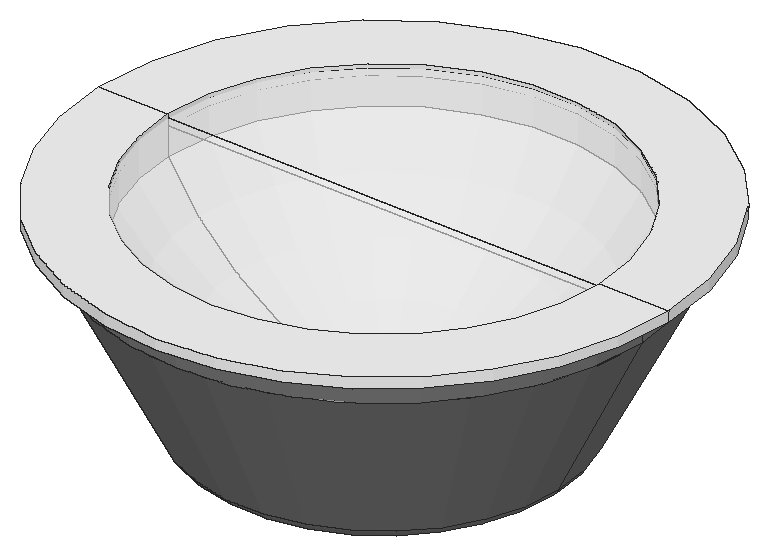
Revit family "30531", category Lighting Fixtures, host Face, Revit 2018
Family settings
  Host = Face
  Round Connector Dimension = Use Diameter
  Part Type = Normal
  OmniClass Number = 23.80.70.00
  OmniClass Title = Lighting
  Cut with Voids When Loaded = No
  Light Source = Yes
  Shared = No
  Room Calculation Point = No
Parameters (values of type "0030531 INSAVER SLIM UGR19 IP65 205 2500LM 840")
  WidthBezel_SYL = if(Size1_SYL, 20 mm, if(Size2_SYL, 20 mm, if(Size3PIR_SYL, 30 mm, if(Size4_SYL, 20 mm, 20 mm))))  # 20 mm
  Weight = "n/a"
  Wattage Comments = ""
  Wattage = 9 W
  WarrantyStartDate [instance] = "n/a"
  WarrantyGuarantorParts = "n/a"
  WarrantyDurationUnit = "n/a"
  WarrantyDurationParts = ""
  WarrantyDescription = "http://www.sylvania-lighting.com"
  built-in parameter 1150110 = 1 (stored number, unit not read)
  Voltage = 230 V
  VisibilityPIR_SYL = Size3PIR_SYL  # no
  URL = "0.9"
  TypeName = "Insaver Slim UGR19 IP65 205 2500lm 840"
  Type Image = <None>
  Type Comments = "n/a"
  built-in parameter 1114217 = 1 (stored number, unit not read)
  Tilt Angle = -90.00°
  built-in parameter 1150109 = 1 (stored number, unit not read)
  built-in parameter 1150134 = (empty or 0)
  built-in parameter 1150113 = 1 (stored number, unit not read)
  Size4_SYL = no
  Size3PIR_SYL = no
  Size2_SYL = no
  Size1_SYL = yes
  SerialNumber [instance] = "n/a"
  RadiusTop_SYL = 6 mm
  RadiusReflector_SYL = if(Size1_SYL, 85 mm, if(Size2_SYL, 85 mm, if(Size3PIR_SYL, 85 mm, if(Size4_SYL, 100 mm, 120 mm))))  # 85 mm
  Photometric Web File = "0030531.IES"
  Material_3_FEILO = Top-Sylvania-STARTDownlight
  PowerFactor = 0.9
  PowerConsumption = "Lighting"
  NominalLength = 165 mm
  NominalHeight = 50 mm
  NominalDepth = 165 mm
  Name = "Insaver Slim UGR19 IP65 205 2500lm 840"
  ModelReference = Name  # "Insaver Slim UGR19 IP65 205 2500lm 840"
  ModelNumber = "0030531"
  Model = Name  # "Insaver Slim UGR19 IP65 205 2500lm 840"
  Material = "Feilo Sylvania"
  ManufacturerName = "125 lm/W"
  Manufacturer = ""
  LuminousEfficacy = ""
  built-in parameter 1150105 = 83.795 (stored number, unit not read)
  Lumens = 1053 lm
  LuminaireType = "0"
  built-in parameter 1150115 = 1 (stored number, unit not read)
  LightOutputRatio = "LED"
  built-in parameter 1150137 = (empty or 0)
  built-in parameter 1150139 = (empty or 0)
  LampsType = Lamp  # "n/a"
  LampNominalLuminous = "4000 K"
  LampMacAdamStep = "80"
  LampColourTemperature = "LED"
  LampColourRenderingIndex = "16500"
  built-in parameter 1150112 = 1 (stored number, unit not read)
  built-in parameter 1150114 = 1 (stored number, unit not read)
  Lamp = "n/a"
  Keynote = "n/a"
  InstallationDate [instance] = "n/a"
  InputVoltage = "0"
  InputNominalFrequency = "4000"
  built-in parameter 1150132 = (empty or 0)
  built-in parameter 1150102 = (empty or 0)
  built-in parameter 1150107 = 3000 (stored number, unit not read)
  built-in parameter 1150138 = (empty or 0)
  IngressProtection = "IfcLightFixtureType"
  ImpactProtectionIndex = "IfcLightFixtureType"
  built-in parameter 1150106 = 0.83795 (stored number, unit not read)
  IfcExportType = "IfcLightFixtureType"
  IfcExportAs = "Class II"
  Height_SYL = if(Size1_SYL, 61 mm, if(Size2_SYL, 61 mm, if(Size3PIR_SYL, 61 mm, if(Size4_SYL, 61 mm, 60 mm))))  # 61 mm
  HeightBezel_SYL = if(Size1_SYL, 3 mm, if(Size2_SYL, 3 mm, if(Size3PIR_SYL, 3 mm, if(Size4_SYL, 3.2 mm, 3 mm))))  # 3 mm
  ExpectedLife = 50000
  Emit from Circle Diameter = Diameter_SYL - 40 mm  # 125 mm
  Emit Shape Visible in Rendering = no
  ElectricShockClassification = "125"
  built-in parameter 1150104 = 10.87 (stored number, unit not read)
  DurationUnit = "hours"
  DocumentationLiterature = "http://www.sylvania-lighting.com/product/en-int/products/0030531"
  DimmingControlOptions = "n/a"
  Material_2_FEILO = Diffuser-Sylvania-STARTDownlight
  Dimming Lamp Color Temperature Shift = <None>
  Diameter_SYL = if(Size1_SYL, 165 mm, if(Size2_SYL, 190 mm, if(Size3PIR_SYL, 211 mm, if(Size4_SYL, 220 mm, 240 mm))))  # 165 mm
  DiameterTop_SYL = if(Size1_SYL, 98 mm, if(Size2_SYL, 122 mm, if(Size3PIR_SYL, 120 mm, if(Size4_SYL, 135 mm, 158 mm))))  # 98 mm
  DiameterTopBase_SYL = DiameterRecess_SYL  # 150 mm
  DiameterRecess_SYL = if(Size1_SYL, 150 mm, if(Size2_SYL, 170 mm, if(Size3PIR_SYL, 186 mm, if(Size4_SYL, 200 mm, 225 mm))))  # 150 mm
  Description = "Insaver Slim is a ceiling recessed LED downlight (IP65 from the front and back),Die-cast aluminium body, loop in loop out connector for quick installation, Non dimmable LED driver, 20W; 2500lm; 125lm/W; 4000K; UGR <19 with shallow product depth 60mm.IK07 for the fixture, IK03 for the IP driver box. When using with EM kit (0046600& 0046601), protection IP65 kept only from the front. Meets TP(a) requirements."
  Default Elevation = 1219.2 mm
  CreatedOn = "05/03/2024"
  CreatedBy = "@sylvania-lighting.com"
  Cost = 0
  Color Filter = 16777215
  built-in parameter 1114216 [instance] = (empty or 0)
  ClassificationValue = "EF_70_80"
  ClassificationName = "Uniclass2015"
  Material_1_FEILO = Trim-Sylvania-STARTDownlight-White
  BarCode [instance] = "n/a"
  built-in parameter 1114218 = 1 (stored number, unit not read)
  built-in parameter 1150133 = 10 (stored number, unit not read)
  AssetType = "Fixed"
  AssetIdentifier [instance] = "n/a"
  Assembly Code = "D5020200"
  Apparent Load = 20 VA
  Material_4_FEILO = LED-Sylvania-STARTDownlight
Reference planes
  plane 1 "Center (Front/Back)": y = 0
  plane 2: z = 0
  plane 3 "Center (Left/Right)": x = 0
  plane 4: x = 82.5
  plane 5: x = -82.5
  plane 6: z = 3
  plane 7: z = -8
  plane 8: z = -58
  plane 9: x = -75
  plane 10: x = 75
  plane 11: x = -49
  plane 12: x = 49
  plane 13: z = -85
  plane 14: x = -62.5
  plane 15: z = 2
  plane 16: z = -46
  plane 17: x = -16
  plane 18: x = -67.5
  plane 19: x = -81.5
  plane 20: x = -99.5
  plane 21: x = -76.5
  plane 22: z = 5.5
  plane 23: z = 8.7
  plane 24: x = -75.5
  plane 25: z = 13.7
Forms (mm)
  Revolve 1, void
    sketch origin (0, 0, 0) x (1, 0, 0) y (0, 0, 1)
      loop
        line (0, 0) -> (-75, 0) -> (-75, -85) -> (0, -85) -> (0, 0)
      axis (0, 0) -> (0, -85)
    angle from 360 to 0
  Revolve 2, solid, material "Trim-Sylvania-STARTDownlight-White" <- "Material_1_FEILO"
    sketch origin (0, 0, 0) x (1, 0, 0) y (0, 0, 1)
      loop
        line (-62.5, 3) -> (-82.5, 3) -> (-82.5, 0) -> (-75, 0) -> (-75, -8) -> (-50.681, -54.768)
        arc (-50.681, -54.768) -> (-48.471, -57.129) -> (-45.357, -58) r 6
        line (-45.357, -58) -> (0, -58) -> (0, -46) -> (-16, -46)
        arc (-16, -46) -> (-42.718, -31.243) -> (-62.5, -8) r 85
        line (-62.5, -8) -> (-62.5, 3)
      axis (0, 3) -> (0, -58)
    angle from 360 to 0
  Revolve 3, solid, material "Diffuser-Sylvania-STARTDownlight" <- "Material_2_FEILO"
    sketch origin (0, 0, 0) x (1, 0, 0) y (0, 0, 1)
      loop
        line (-62.5, 0) -> (0, 0) -> (0, 2) -> (-62.5, 2) -> (-62.5, 0)
      axis (0, 2) -> (0, 0)
    angle from 360 to 0
  Revolve 4, solid, material "Trim-Sylvania-STARTDownlight-White" <- "Material_1_FEILO", visible <- "VisibilityPIR_SYL"
    sketch origin (0, 0, 0) x (1, 0, 0) y (0, 0, 1)
      loop
        line (-67.5, 3) -> (-67.5, 13.7)
        arc (-67.5, 13.7) -> (-72.217, 12.347) -> (-75.5, 8.7) r 8.9
        line (-75.5, 8.7) -> (-75.5, 5.5) -> (-76.5, 5.5) -> (-76.5, 3) -> (-67.5, 3)
      axis (-67.5, 13.7) -> (-67.5, 3)
    angle from 360 to 0
Dimensions and locks
  equal spacing: plane 4, plane 3 "Center (Left/Right)", plane 5
  "Diameter_SYL": plane 4 to plane 5
  equal spacing: plane 10, plane 3 "Center (Left/Right)", plane 9
  equal spacing: plane 12, plane 3 "Center (Left/Right)", plane 11
  "DiameterTop_SYL": plane 12 to plane 11
  "HeightBezel_SYL": plane 6 to plane 2
  "Height_SYL": plane 6 to plane 8
  locked: plane 2 to plane 7 at 8
  locked: plane 2 to plane 13 at 85
  "WidthBezel_SYL": plane 14 to plane 5
  locked: plane 6 to plane 15 at 1
  "DiameterRecess_SYL": plane 10 to plane 9
  locked: plane 3 "Center (Left/Right)" to plane 17 at 16
  locked: plane 16 to plane 8 at 12
  locked: plane 18 to plane 21 at 9
  locked: plane 22 to plane 6 at 2.5
  locked: plane 23 to plane 22 at 3.2
  locked: plane 18 to plane 24 at 8
  locked: plane 25 to plane 23 at 5
  locked: plane 25 to Revolve 4 sketch curve at 8.9
  locked: plane 18 to plane 5 at 15
  "RadiusReflector_SYL": radius of Revolve 2 sketch curve
  "RadiusTop_SYL": radius of Revolve 2 sketch curve
  aligned and locked: plane 2 to host face
  aligned and locked: level to host face
  aligned and locked: Revolve 1 sketch curve to plane 3 "Center (Left/Right)"
  aligned and locked: plane 3 "Center (Left/Right)" to Revolve 1 sketch curve
  aligned and locked: Revolve 1 sketch curve to plane 9
  aligned and locked: plane 13 to Revolve 1 sketch curve
  aligned and locked: plane 3 "Center (Left/Right)" to imposter light
  aligned and locked: imposter light to plane 15
  aligned and locked: imposter light to plane 1 "Center (Front/Back)"
  aligned and locked: Revolve 2 sketch curve to plane 3 "Center (Left/Right)"
  aligned and locked: Revolve 2 sketch curve to plane 6
  aligned and locked: Revolve 2 sketch curve to plane 5
  aligned and locked: Revolve 2 sketch curve to level
  aligned and locked: plane 7 to Revolve 2 sketch curve  (x2)
  aligned and locked: Revolve 2 sketch curve to plane 9
  aligned and locked: plane 8 to Revolve 2 sketch curve
  aligned and locked: Revolve 2 sketch curve to plane 14
  aligned and locked: plane 3 "Center (Left/Right)" to Revolve 2 sketch curve
  aligned and locked: Revolve 2 sketch curve to plane 16
  aligned and locked: Revolve 3 sketch curve to plane 3 "Center (Left/Right)"
  aligned and locked: Revolve 3 sketch curve to level
  aligned and locked: imposter light to Revolve 3 sketch curve  (x2)
  aligned and locked: Revolve 4 sketch curve to plane 18  (x2)
  aligned and locked: Revolve 4 sketch curve to plane 6
  aligned and locked: plane 22 to Revolve 4 sketch curve
  aligned and locked: plane 24 to Revolve 4 sketch curve
  aligned and locked: Revolve 4 sketch curve to Revolve 4 sketch curve
  aligned and locked: plane 21 to Revolve 4 sketch curve
Automatic sketch dimensions
  host sketch curve to host sketch curve = 2438.4 mm  (x2)
  plane 13 to Revolve 1 sketch curve = 524.6 mm
  Revolve 1 sketch curve to plane 6 = 2606.058 mm
  Revolve 1 sketch curve to level = 0 mm
  Revolve 2 sketch curve to plane 17 = 0 mm
  Revolve 2 sketch curve to plane 11 = 1.681 mm
  plane 11 to Revolve 2 sketch curve = 3.643 mm
  plane 13 to Revolve 2 sketch curve = 524.6 mm
  Revolve 2 sketch curve to Revolve 2 sketch curve = 2577.983 mm
  Revolve 3 sketch curve to plane 14 = 0 mm
  plane 13 to Revolve 3 sketch curve = 524.6 mm
  Revolve 3 sketch curve to plane 6 = 2606.058 mm
  Revolve 4 sketch curve to plane 23 = 0 mm
  plane 13 to Revolve 4 sketch curve = 524.6 mm
  Revolve 4 sketch curve to Revolve 4 sketch curve = 2595.358 mm
Connectors
  electrical at (0, 0, 0), driven by "Apparent Load", driven by "PowerFactor", driven by "Voltage"
    settings: index 1, voltage 230 V, apparent load 20 VA, apparent load phase1 0 VA, apparent load phase2 0 VA, apparent load phase3 0 VA, power factor 0.9, load classification "Lighting", number of poles 1, system type 30, power factor state 1, is connector primary yes, connector utility no, sub classification motor no, connector description ""
